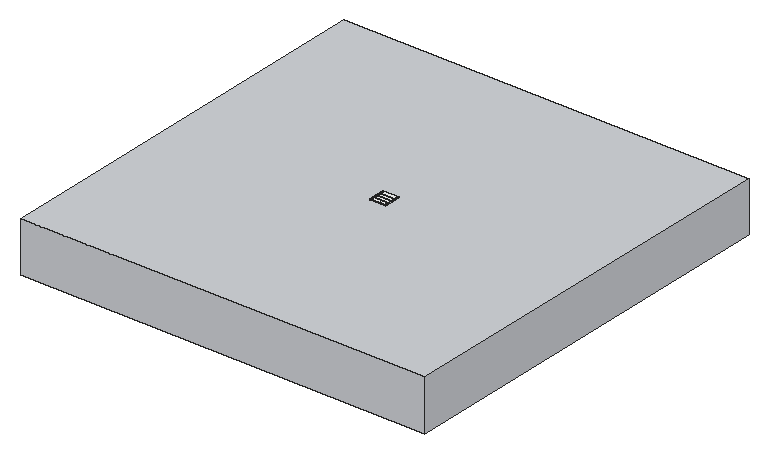
Revit family "Gira_503417", category Elektroinstallationen, Revit 2017
Family settings
  Basisbauteil = Fläche
  Beschriftungsausrichtung beibehalten = Nein
  Bemaßung runder Anschluss = Durchmesser verwenden
  Teiletyp = Normal
  Beim Laden mit Abzugskörper schneiden = Nein
  Gemeinsam genutzt = Nein
  Raumberechnungspunkt = Nein
Parameters (values of type "Wippenset 4f indiv. Tastsens.4 TS4 Aluminium")
  Werkstoffgüte = "Aluminium"
  Werkstoff Text = "Metall"
  Default Elevation = 1219.2 mm
  URL = "https://www.gira.de/"
  Typname = "Wippenset 4f indiv. Tastsens.4 TS4 Aluminium"
  Type Comments = ""
  Transparent = no
  Produktseite = "https://media.stage.bim.site/t/eyJhbGciOiJIUzI1NiIsInR5cCI6IkpXVCJ9.eyJjdCI6MiwidHUiOiJodHRwOi8va2F0YWxvZy5naXJhLmRlL2RlX0RFL2RhdGVuYmxhdHQuaHRtbD9hcnRpa2VsbnI9NTAzNDE3IiwiY2lkIjoiMzI3N2NjMjMtODFhOS00ZWUzLWE5MGEtYjQ3YmI0YzBiNjE2IiwicmlkIjoiZDIxOTFkNjA5ZWViNzY4ZWIyZTkwNjA0YmMyMzc4ZmEiLCJwaWQiOiJiZGE4ZDdiMGIzZDg1MTAxNmM0ZmY0NTY1NGEzY2I4ZWE1MmZkZjAwIiwic2lkIjoiNjM0NzAiLCJ1dCI6MSwibGMiOiJkZSIsImlhdCI6MTYwMDk0NDI4MiwiaXNzIjoiaHR0cHM6Ly9hcGkubGl2ZS5iaW0uc2l0ZSIsInN1YiI6ImFkbWluQGJpbXNpdGUuZGV2In0.YDtGsOoIK5snX_Wfb0wc5y08vsMCZWlY0XJqsV6lx2Y"
  Model = ""
  Cost = 0
  Hersteller = "Gira"
  HeinzeBIM = "https://www.heinze.de/bim/wippenset-4f-indiv-tastsens-4-ts4-aluminium/bda8d7b0b3d851016c4ff45654a3cb8ea52fdf00"
  HAN = "503417"
  GTIN = "4010337072645"
  Funk bidirektional = no
  Farbe = "Aluminium"
  Datenblatt 1 = "https://media.stage.bim.site/t/eyJhbGciOiJIUzI1NiIsInR5cCI6IkpXVCJ9.eyJjdCI6MSwidGYiOiJwdWJsaWMvZ2lyYS9hZThjNTU3LzUwMzQxNy50eHQiLCJjaWQiOiIzMjc3Y2MyMy04MWE5LTRlZTMtYTkwYS1iNDdiYjRjMGI2MTYiLCJyaWQiOiJkMjE5MWQ2MDllZWI3NjhlYjJlOTA2MDRiYzIzNzhmYSIsInBpZCI6ImJkYThkN2IwYjNkODUxMDE2YzRmZjQ1NjU0YTNjYjhlYTUyZmRmMDAiLCJzaWQiOiI2MzQ3MCIsInV0IjoxLCJsYyI6ImRlIiwiaWF0IjoxNjAwOTQ0MjgyLCJpc3MiOiJodHRwczovL2FwaS5saXZlLmJpbS5zaXRlIiwic3ViIjoiYWRtaW5AYmltc2l0ZS5kZXYifQ.i84f4Fp7Uq0jyqQdJhqDg90Nj2l2hFzxNE2p3s-cq1g/503417.txt"
  Datenblatt = "https://media.stage.bim.site/t/eyJhbGciOiJIUzI1NiIsInR5cCI6IkpXVCJ9.eyJjdCI6MSwidHUiOiJodHRwczovL2thdGFsb2cuZ2lyYS5kZS9kZV9ERS9kb3dubG9hZC5odG1sP2FydGlrZWxucj01MDM0MTciLCJjaWQiOiIzMjc3Y2MyMy04MWE5LTRlZTMtYTkwYS1iNDdiYjRjMGI2MTYiLCJyaWQiOiJkMjE5MWQ2MDllZWI3NjhlYjJlOTA2MDRiYzIzNzhmYSIsInBpZCI6ImJkYThkN2IwYjNkODUxMDE2YzRmZjQ1NjU0YTNjYjhlYTUyZmRmMDAiLCJzaWQiOiI2MzQ3MCIsInV0IjoxLCJsYyI6ImRlIiwiaWF0IjoxNjAwOTQ0MjgyLCJpc3MiOiJodHRwczovL2FwaS5saXZlLmJpbS5zaXRlIiwic3ViIjoiYWRtaW5AYmltc2l0ZS5kZXYifQ.yYWcI4Dc6Yqz-GzMHLnZcO_V_TWfwPa_vd08-pUoyzk"
  Bussystem Powernet = no
  Bussystem LON = no
  Bussystem KNX-Funk = no
  Bussystem KNX = yes
  Bussystem Funkbus = no
  Beschreibung = "Wippenset 4fach individuell für Tastsensor 4  Aluminium Hinweise :  Beschreibbare Wippensets können mit einer individuellen Beschriftung versehen werden. Die Bestellung wird über den Großhandel abgewickelt, der beim Bestellvorgang der Wippen angegeben wurde.  Dieses Produkt kann ausschließlich über den Gira Beschriftungsservice bestellt werden.  Professionelle Beschriftung über den Gira Beschriftungsservice www.beschriftung.gira.de."
  Assembly Code = ""
  Keynote = ""
  BIMSITE_PRODUCT_ID = "bda8d7b0b3d851016c4ff45654a3cb8ea52fdf00"
  BIM = "https://media.stage.bim.site/t/eyJhbGciOiJIUzI1NiIsInR5cCI6IkpXVCJ9.eyJjdCI6MSwidGYiOiJwdWJsaWMvZ2lyYS9hZThjNTU3LzQwXzUwMjQwMCBUUzQgV2lwcGVuc2V0IDRmYWNoLnJmYSIsImNpZCI6IjMyNzdjYzIzLTgxYTktNGVlMy1hOTBhLWI0N2JiNGMwYjYxNiIsInJpZCI6ImQyMTkxZDYwOWVlYjc2OGViMmU5MDYwNGJjMjM3OGZhIiwicGlkIjoiYmRhOGQ3YjBiM2Q4NTEwMTZjNGZmNDU2NTRhM2NiOGVhNTJmZGYwMCIsInNpZCI6IjYzNDcwIiwidXQiOjUsImxjIjoiZGUiLCJpYXQiOjE2MDA5NDQyODIsImlzcyI6Imh0dHBzOi8vYXBpLmxpdmUuYmltLnNpdGUiLCJzdWIiOiJhZG1pbkBiaW1zaXRlLmRldiJ9.lEhg4QBwVNydhdJ7DquORjWcED_8tPa_4KUpWyRGxO8/40_502400 TS4 Wippenset 4fach.rfa"
  Andere Bussysteme = "ohne"
Reference planes
  plane 1 "Center (Front/Back)": y = 0
  plane 2: z = 0
  plane 3 "Center (Left/Right)": x = 0
Forms (mm)
  Extrusion 1, solid
    sketch origin (0, 0, 0) x (1, 0, 0) y (0, 1, 0)
      loop
        line (-1219.2, 1219.2) -> (-1219.2, -1219.2) -> (1219.2, -1219.2) -> (1219.2, 1219.2) -> (-1219.2, 1219.2)
    from 0 to -304.8
Dimensions and locks
  aligned and locked: plane 2 to Extrusion 1
  aligned and locked: level to Extrusion 1
Nested families
  nested 1: "40_502100 TS4 Wippenset 4fach" at (0, 0, 0), type "40_502100 TS4 Wippenset 4fach"
Definition of nested family "40_502100 TS4 Wippenset 4fach"
  Parameters
    White = none
  Reference planes
    plane 1 "Center (Front/Back)": y = 0
    plane 2: z = 0
    plane 3 "Center (Left/Right)": x = 0
  Forms (mm)
    Extrusion 1, solid, material <- "White", detail levels fine
      sketch origin (0, 0, 0) x (1, 0, 0) y (0, 1, 0)
        loop
          arc (-46.5, 47.5) -> (-47.207, 47.207) -> (-47.5, 46.5) r 1
          line (-47.5, 46.5) -> (-47.5, 36.7) -> (-42.5, 36.7)
          arc (-42.5, 36.7) -> (-41.5, 35.7) -> (-42.5, 34.7) r 1
          line (-42.5, 34.7) -> (-47.5, 34.7) -> (-47.5, 24.95)
          arc (-47.5, 24.95) -> (-47.207, 24.243) -> (-46.5, 23.95) r 1
          line (-46.5, 23.95) -> (46.5, 23.95)
          arc (46.5, 23.95) -> (47.207, 24.243) -> (47.5, 24.95) r 1
          line (47.5, 24.95) -> (47.5, 34.7) -> (42.5, 34.7)
          arc (42.5, 34.7) -> (41.5, 35.7) -> (42.5, 36.7) r 1
          line (42.5, 36.7) -> (47.5, 36.7) -> (47.5, 46.5)
          arc (47.5, 46.5) -> (47.207, 47.207) -> (46.5, 47.5) r 1
          line (46.5, 47.5) -> (-46.5, 47.5)
      from 0 to 3.1
    Extrusion 2, solid, material <- "White", detail levels fine
      sketch origin (0, 0, 0) x (1, 0, 0) y (0, 1, 0)
        loop
          line (43.976, 44.188) -> (-43.976, 44.188) -> (-43.976, 27.198) -> (43.976, 27.198) -> (43.976, 44.188)
      from 0 to -1.5
    Extrusion 3, solid, detail levels fine
      sketch origin (0, 0, 0) x (1, 0, 0) y (0, 0, -1)
        loop
          line (-1.639, 4) -> (-2.5, 4) -> (-3.5, 1.5) -> (3.5, 1.5) -> (2.5, 4) -> (1.639, 4)
          arc (1.639, 4) -> (1.115, 3.694) -> (1.122, 3.087) r 0.603
          arc (1.122, 3.087) -> (-0.011, 1.666) -> (-1.122, 3.087) r 1.145
          arc (-1.122, 3.087) -> (-1.115, 3.694) -> (-1.639, 4) r 0.603
      from 41.985 to 44.199
    Extrusion 4, solid, material <- "White", detail levels medium
      sketch origin (0, 0, 0) x (1, 0, 0) y (0, 1, 0)
        loop
          line (43.976, 44.188) -> (-43.976, 44.188) -> (-43.976, 27.198) -> (43.976, 27.198) -> (43.976, 44.188)
      from 0 to -4
    Extrusion 5, solid, material <- "White", detail levels medium
      sketch origin (0, 0, 0) x (1, 0, 0) y (0, 1, 0)
        loop
          line (-47.5, 47.5) -> (-47.5, 23.95) -> (47.5, 23.95) -> (47.5, 47.5) -> (-47.5, 47.5)
      from 0 to 3.3
    Extrusion 6, solid, material <- "White", detail levels fine
      sketch origin (0, 0, 0) x (1, 0, 0) y (0, 1, 0)
        loop
          line (-43.976, 44.188) -> (-43.976, 40.908) -> (-42.655, 40.908) -> (-42.655, 44.188) -> (-43.976, 44.188)
        loop
          line (43.976, 44.188) -> (42.655, 44.188) -> (42.655, 40.908) -> (43.976, 40.908) -> (43.976, 44.188)
        loop
          line (-43.976, 27.198) -> (-42.655, 27.198) -> (-42.655, 30.479) -> (-43.976, 30.479) -> (-43.976, 27.198)
        loop
          line (43.976, 27.198) -> (43.976, 30.479) -> (42.655, 30.479) -> (42.655, 27.198) -> (43.976, 27.198)
      from 0 to -4
    Extrusion 7, solid, detail levels fine
      sketch origin (0, 35.7, 0) x (1, 0, 0) y (0, 1, 0)
        loop
          line (-47.5, 1) -> (-47.5, -1) -> (-42.5, -1)
          arc (-42.5, -1) -> (-41.5, 0) -> (-42.5, 1) r 1
          line (-42.5, 1) -> (-47.5, 1)
        loop
          line (47.5, 1) -> (42.5, 1)
          arc (42.5, 1) -> (41.5, 0) -> (42.5, -1) r 1
          line (42.5, -1) -> (47.5, -1) -> (47.5, 1)
      from 0 to 3.3
    Extrusion 8, solid, detail levels coarse
      sketch origin (0, 0, 0) x (1, 0, 0) y (0, 1, 0)
        loop
          line (-47.5, 47.5) -> (-47.5, -47.45) -> (47.5, -47.45) -> (47.5, 47.5) -> (-47.5, 47.5)
      from -4 to 3.3
    Extrusion 9, solid, material <- "White", detail levels fine
      sketch origin (0, 35.735, 0) x (1, 0, 0) y (0, 1, 0)
        loop
          line (-41.852, 6.181) -> (-43.976, 4.461) -> (-43.976, -4.461) -> (-41.852, -6.181)
          arc (-41.852, -6.181) -> (-38.884, -6.014) -> (-38.763, -3.043) r 2.212
          line (-38.763, -3.043) -> (-38.763, 3.043)
          arc (-38.763, 3.043) -> (-38.884, 6.014) -> (-41.852, 6.181) r 2.212
        loop
          arc (-39.415, 3.847) -> (-39.669, 5.38) -> (-41.223, 5.404) r 1.212
          line (-41.223, 5.404) -> (-42.938, 4.015) -> (-40.57, 1.883) -> (-39.415, 3.847)
        loop
          line (-39.415, -3.847) -> (-40.57, -1.883) -> (-42.938, -4.015) -> (-41.223, -5.404)
          arc (-41.223, -5.404) -> (-39.669, -5.38) -> (-39.415, -3.847) r 1.212
        loop
          arc (41.852, 6.181) -> (38.884, 6.014) -> (38.763, 3.043) r 2.212
          line (38.763, 3.043) -> (38.763, -3.043)
          arc (38.763, -3.043) -> (38.884, -6.014) -> (41.852, -6.181) r 2.212
          line (41.852, -6.181) -> (43.976, -4.461) -> (43.976, 4.461) -> (41.852, 6.181)
        loop
          line (39.415, 3.847) -> (40.57, 1.883) -> (42.938, 4.015) -> (41.223, 5.404)
          arc (41.223, 5.404) -> (39.669, 5.38) -> (39.415, 3.847) r 1.212
        loop
          arc (39.415, -3.847) -> (39.669, -5.38) -> (41.223, -5.404) r 1.212
          line (41.223, -5.404) -> (42.938, -4.015) -> (40.57, -1.883) -> (39.415, -3.847)
      from 0 to -3.1
    Extrusion 10, solid, material <- "White", detail levels fine
      sketch origin (0, -23.8, 0) x (1, 0, 0) y (0, 1, 0)
        loop
          arc (-46.5, 47.5) -> (-47.207, 47.207) -> (-47.5, 46.5) r 1
          line (-47.5, 46.5) -> (-47.5, 36.7) -> (-42.5, 36.7)
          arc (-42.5, 36.7) -> (-41.5, 35.7) -> (-42.5, 34.7) r 1
          line (-42.5, 34.7) -> (-47.5, 34.7) -> (-47.5, 24.95)
          arc (-47.5, 24.95) -> (-47.207, 24.243) -> (-46.5, 23.95) r 1
          line (-46.5, 23.95) -> (46.5, 23.95)
          arc (46.5, 23.95) -> (47.207, 24.243) -> (47.5, 24.95) r 1
          line (47.5, 24.95) -> (47.5, 34.7) -> (42.5, 34.7)
          arc (42.5, 34.7) -> (41.5, 35.7) -> (42.5, 36.7) r 1
          line (42.5, 36.7) -> (47.5, 36.7) -> (47.5, 46.5)
          arc (47.5, 46.5) -> (47.207, 47.207) -> (46.5, 47.5) r 1
          line (46.5, 47.5) -> (-46.5, 47.5)
      from 0 to 3.1
    Extrusion 11, solid, material <- "White", detail levels fine
      sketch origin (0, -23.8, 0) x (1, 0, 0) y (0, 1, 0)
        loop
          line (43.976, 44.188) -> (-43.976, 44.188) -> (-43.976, 27.198) -> (43.976, 27.198) -> (43.976, 44.188)
      from 0 to -1.5
    Extrusion 12, solid, detail levels fine
      sketch origin (0, -23.8, 0) x (1, 0, 0) y (0, 0, -1)
        loop
          line (-1.639, 4) -> (-2.5, 4) -> (-3.5, 1.5) -> (3.5, 1.5) -> (2.5, 4) -> (1.639, 4)
          arc (1.639, 4) -> (1.115, 3.694) -> (1.122, 3.087) r 0.603
          arc (1.122, 3.087) -> (-0.011, 1.666) -> (-1.122, 3.087) r 1.145
          arc (-1.122, 3.087) -> (-1.115, 3.694) -> (-1.639, 4) r 0.603
      from 41.985 to 44.199
    Extrusion 13, solid, material <- "White", detail levels medium
      sketch origin (0, -23.8, 0) x (1, 0, 0) y (0, 1, 0)
        loop
          line (43.976, 44.188) -> (-43.976, 44.188) -> (-43.976, 27.198) -> (43.976, 27.198) -> (43.976, 44.188)
      from 0 to -4
    Extrusion 14, solid, material <- "White", detail levels medium
      sketch origin (0, -23.8, 0) x (1, 0, 0) y (0, 1, 0)
        loop
          line (-47.5, 47.5) -> (-47.5, 23.95) -> (47.5, 23.95) -> (47.5, 47.5) -> (-47.5, 47.5)
      from 0 to 3.3
    Extrusion 15, solid, material <- "White", detail levels fine
      sketch origin (0, -23.8, 0) x (1, 0, 0) y (0, 1, 0)
        loop
          line (-43.976, 44.188) -> (-43.976, 40.908) -> (-42.655, 40.908) -> (-42.655, 44.188) -> (-43.976, 44.188)
        loop
          line (43.976, 44.188) -> (42.655, 44.188) -> (42.655, 40.908) -> (43.976, 40.908) -> (43.976, 44.188)
        loop
          line (-43.976, 27.198) -> (-42.655, 27.198) -> (-42.655, 30.479) -> (-43.976, 30.479) -> (-43.976, 27.198)
        loop
          line (43.976, 27.198) -> (43.976, 30.479) -> (42.655, 30.479) -> (42.655, 27.198) -> (43.976, 27.198)
      from 0 to -4
    Extrusion 16, solid, detail levels fine
      sketch origin (0, 11.9, 0) x (1, 0, 0) y (0, 1, 0)
        loop
          line (-47.5, 1) -> (-47.5, -1) -> (-42.5, -1)
          arc (-42.5, -1) -> (-41.5, 0) -> (-42.5, 1) r 1
          line (-42.5, 1) -> (-47.5, 1)
        loop
          line (47.5, 1) -> (42.5, 1)
          arc (42.5, 1) -> (41.5, 0) -> (42.5, -1) r 1
          line (42.5, -1) -> (47.5, -1) -> (47.5, 1)
      from 0 to 3.3
    Extrusion 17, solid, material <- "White", detail levels fine
      sketch origin (0, 11.935, 0) x (1, 0, 0) y (0, 1, 0)
        loop
          line (-41.852, 6.181) -> (-43.976, 4.461) -> (-43.976, -4.461) -> (-41.852, -6.181)
          arc (-41.852, -6.181) -> (-38.884, -6.014) -> (-38.763, -3.043) r 2.212
          line (-38.763, -3.043) -> (-38.763, 3.043)
          arc (-38.763, 3.043) -> (-38.884, 6.014) -> (-41.852, 6.181) r 2.212
        loop
          arc (-39.415, 3.847) -> (-39.669, 5.38) -> (-41.223, 5.404) r 1.212
          line (-41.223, 5.404) -> (-42.938, 4.015) -> (-40.57, 1.883) -> (-39.415, 3.847)
        loop
          line (-39.415, -3.847) -> (-40.57, -1.883) -> (-42.938, -4.015) -> (-41.223, -5.404)
          arc (-41.223, -5.404) -> (-39.669, -5.38) -> (-39.415, -3.847) r 1.212
        loop
          arc (41.852, 6.181) -> (38.884, 6.014) -> (38.763, 3.043) r 2.212
          line (38.763, 3.043) -> (38.763, -3.043)
          arc (38.763, -3.043) -> (38.884, -6.014) -> (41.852, -6.181) r 2.212
          line (41.852, -6.181) -> (43.976, -4.461) -> (43.976, 4.461) -> (41.852, 6.181)
        loop
          line (39.415, 3.847) -> (40.57, 1.883) -> (42.938, 4.015) -> (41.223, 5.404)
          arc (41.223, 5.404) -> (39.669, 5.38) -> (39.415, 3.847) r 1.212
        loop
          arc (39.415, -3.847) -> (39.669, -5.38) -> (41.223, -5.404) r 1.212
          line (41.223, -5.404) -> (42.938, -4.015) -> (40.57, -1.883) -> (39.415, -3.847)
      from 0 to -3.1
    Extrusion 18, solid, material <- "White", detail levels fine
      sketch origin (0, -47.65, 0) x (1, 0, 0) y (0, 1, 0)
        loop
          arc (-46.5, 47.5) -> (-47.207, 47.207) -> (-47.5, 46.5) r 1
          line (-47.5, 46.5) -> (-47.5, 36.7) -> (-42.5, 36.7)
          arc (-42.5, 36.7) -> (-41.5, 35.7) -> (-42.5, 34.7) r 1
          line (-42.5, 34.7) -> (-47.5, 34.7) -> (-47.5, 24.95)
          arc (-47.5, 24.95) -> (-47.207, 24.243) -> (-46.5, 23.95) r 1
          line (-46.5, 23.95) -> (46.5, 23.95)
          arc (46.5, 23.95) -> (47.207, 24.243) -> (47.5, 24.95) r 1
          line (47.5, 24.95) -> (47.5, 34.7) -> (42.5, 34.7)
          arc (42.5, 34.7) -> (41.5, 35.7) -> (42.5, 36.7) r 1
          line (42.5, 36.7) -> (47.5, 36.7) -> (47.5, 46.5)
          arc (47.5, 46.5) -> (47.207, 47.207) -> (46.5, 47.5) r 1
          line (46.5, 47.5) -> (-46.5, 47.5)
      from 0 to 3.1
    Extrusion 19, solid, material <- "White", detail levels fine
      sketch origin (0, -47.65, 0) x (1, 0, 0) y (0, 1, 0)
        loop
          line (43.976, 44.188) -> (-43.976, 44.188) -> (-43.976, 27.198) -> (43.976, 27.198) -> (43.976, 44.188)
      from 0 to -1.5
    Extrusion 20, solid, detail levels fine
      sketch origin (0, -47.65, 0) x (1, 0, 0) y (0, 0, -1)
        loop
          line (-1.639, 4) -> (-2.5, 4) -> (-3.5, 1.5) -> (3.5, 1.5) -> (2.5, 4) -> (1.639, 4)
          arc (1.639, 4) -> (1.115, 3.694) -> (1.122, 3.087) r 0.603
          arc (1.122, 3.087) -> (-0.011, 1.666) -> (-1.122, 3.087) r 1.145
          arc (-1.122, 3.087) -> (-1.115, 3.694) -> (-1.639, 4) r 0.603
      from 41.985 to 44.199
    Extrusion 21, solid, material <- "White", detail levels medium
      sketch origin (0, -47.65, 0) x (1, 0, 0) y (0, 1, 0)
        loop
          line (43.976, 44.188) -> (-43.976, 44.188) -> (-43.976, 27.198) -> (43.976, 27.198) -> (43.976, 44.188)
      from 0 to -4
    Extrusion 22, solid, material <- "White", detail levels medium
      sketch origin (0, -47.65, 0) x (1, 0, 0) y (0, 1, 0)
        loop
          line (-47.5, 47.5) -> (-47.5, 23.95) -> (47.5, 23.95) -> (47.5, 47.5) -> (-47.5, 47.5)
      from 0 to 3.3
    Extrusion 23, solid, material <- "White", detail levels fine
      sketch origin (0, -47.65, 0) x (1, 0, 0) y (0, 1, 0)
        loop
          line (-43.976, 44.188) -> (-43.976, 40.908) -> (-42.655, 40.908) -> (-42.655, 44.188) -> (-43.976, 44.188)
        loop
          line (43.976, 44.188) -> (42.655, 44.188) -> (42.655, 40.908) -> (43.976, 40.908) -> (43.976, 44.188)
        loop
          line (-43.976, 27.198) -> (-42.655, 27.198) -> (-42.655, 30.479) -> (-43.976, 30.479) -> (-43.976, 27.198)
        loop
          line (43.976, 27.198) -> (43.976, 30.479) -> (42.655, 30.479) -> (42.655, 27.198) -> (43.976, 27.198)
      from 0 to -4
    Extrusion 24, solid, detail levels fine
      sketch origin (0, -11.95, 0) x (1, 0, 0) y (0, 1, 0)
        loop
          line (-47.5, 1) -> (-47.5, -1) -> (-42.5, -1)
          arc (-42.5, -1) -> (-41.5, 0) -> (-42.5, 1) r 1
          line (-42.5, 1) -> (-47.5, 1)
        loop
          line (47.5, 1) -> (42.5, 1)
          arc (42.5, 1) -> (41.5, 0) -> (42.5, -1) r 1
          line (42.5, -1) -> (47.5, -1) -> (47.5, 1)
      from 0 to 3.3
    Extrusion 25, solid, material <- "White", detail levels fine
      sketch origin (0, -11.915, 0) x (1, 0, 0) y (0, 1, 0)
        loop
          line (-41.852, 6.181) -> (-43.976, 4.461) -> (-43.976, -4.461) -> (-41.852, -6.181)
          arc (-41.852, -6.181) -> (-38.884, -6.014) -> (-38.763, -3.043) r 2.212
          line (-38.763, -3.043) -> (-38.763, 3.043)
          arc (-38.763, 3.043) -> (-38.884, 6.014) -> (-41.852, 6.181) r 2.212
        loop
          arc (-39.415, 3.847) -> (-39.669, 5.38) -> (-41.223, 5.404) r 1.212
          line (-41.223, 5.404) -> (-42.938, 4.015) -> (-40.57, 1.883) -> (-39.415, 3.847)
        loop
          line (-39.415, -3.847) -> (-40.57, -1.883) -> (-42.938, -4.015) -> (-41.223, -5.404)
          arc (-41.223, -5.404) -> (-39.669, -5.38) -> (-39.415, -3.847) r 1.212
        loop
          arc (41.852, 6.181) -> (38.884, 6.014) -> (38.763, 3.043) r 2.212
          line (38.763, 3.043) -> (38.763, -3.043)
          arc (38.763, -3.043) -> (38.884, -6.014) -> (41.852, -6.181) r 2.212
          line (41.852, -6.181) -> (43.976, -4.461) -> (43.976, 4.461) -> (41.852, 6.181)
        loop
          line (39.415, 3.847) -> (40.57, 1.883) -> (42.938, 4.015) -> (41.223, 5.404)
          arc (41.223, 5.404) -> (39.669, 5.38) -> (39.415, 3.847) r 1.212
        loop
          arc (39.415, -3.847) -> (39.669, -5.38) -> (41.223, -5.404) r 1.212
          line (41.223, -5.404) -> (42.938, -4.015) -> (40.57, -1.883) -> (39.415, -3.847)
      from 0 to -3.1
    Extrusion 26, solid, material <- "White", detail levels fine
      sketch origin (0, -71.4, 0) x (1, 0, 0) y (0, 1, 0)
        loop
          arc (-46.5, 47.5) -> (-47.207, 47.207) -> (-47.5, 46.5) r 1
          line (-47.5, 46.5) -> (-47.5, 36.7) -> (-42.5, 36.7)
          arc (-42.5, 36.7) -> (-41.5, 35.7) -> (-42.5, 34.7) r 1
          line (-42.5, 34.7) -> (-47.5, 34.7) -> (-47.5, 24.95)
          arc (-47.5, 24.95) -> (-47.207, 24.243) -> (-46.5, 23.95) r 1
          line (-46.5, 23.95) -> (46.5, 23.95)
          arc (46.5, 23.95) -> (47.207, 24.243) -> (47.5, 24.95) r 1
          line (47.5, 24.95) -> (47.5, 34.7) -> (42.5, 34.7)
          arc (42.5, 34.7) -> (41.5, 35.7) -> (42.5, 36.7) r 1
          line (42.5, 36.7) -> (47.5, 36.7) -> (47.5, 46.5)
          arc (47.5, 46.5) -> (47.207, 47.207) -> (46.5, 47.5) r 1
          line (46.5, 47.5) -> (-46.5, 47.5)
      from 0 to 3.1
    Extrusion 27, solid, material <- "White", detail levels fine
      sketch origin (0, -71.4, 0) x (1, 0, 0) y (0, 1, 0)
        loop
          line (43.976, 44.188) -> (-43.976, 44.188) -> (-43.976, 27.198) -> (43.976, 27.198) -> (43.976, 44.188)
      from 0 to -1.5
    Extrusion 28, solid, detail levels fine
      sketch origin (0, -71.4, 0) x (1, 0, 0) y (0, 0, -1)
        loop
          line (-1.639, 4) -> (-2.5, 4) -> (-3.5, 1.5) -> (3.5, 1.5) -> (2.5, 4) -> (1.639, 4)
          arc (1.639, 4) -> (1.115, 3.694) -> (1.122, 3.087) r 0.603
          arc (1.122, 3.087) -> (-0.011, 1.666) -> (-1.122, 3.087) r 1.145
          arc (-1.122, 3.087) -> (-1.115, 3.694) -> (-1.639, 4) r 0.603
      from 41.985 to 44.199
    Extrusion 29, solid, material <- "White", detail levels medium
      sketch origin (0, -71.4, 0) x (1, 0, 0) y (0, 1, 0)
        loop
          line (43.976, 44.188) -> (-43.976, 44.188) -> (-43.976, 27.198) -> (43.976, 27.198) -> (43.976, 44.188)
      from 0 to -4
    Extrusion 30, solid, material <- "White", detail levels medium
      sketch origin (0, -71.4, 0) x (1, 0, 0) y (0, 1, 0)
        loop
          line (-47.5, 47.5) -> (-47.5, 23.95) -> (47.5, 23.95) -> (47.5, 47.5) -> (-47.5, 47.5)
      from 0 to 3.3
    Extrusion 31, solid, material <- "White", detail levels fine
      sketch origin (0, -71.4, 0) x (1, 0, 0) y (0, 1, 0)
        loop
          line (-43.976, 44.188) -> (-43.976, 40.908) -> (-42.655, 40.908) -> (-42.655, 44.188) -> (-43.976, 44.188)
        loop
          line (43.976, 44.188) -> (42.655, 44.188) -> (42.655, 40.908) -> (43.976, 40.908) -> (43.976, 44.188)
        loop
          line (-43.976, 27.198) -> (-42.655, 27.198) -> (-42.655, 30.479) -> (-43.976, 30.479) -> (-43.976, 27.198)
        loop
          line (43.976, 27.198) -> (43.976, 30.479) -> (42.655, 30.479) -> (42.655, 27.198) -> (43.976, 27.198)
      from 0 to -4
    Extrusion 32, solid, detail levels fine
      sketch origin (0, -35.7, 0) x (1, 0, 0) y (0, 1, 0)
        loop
          line (-47.5, 1) -> (-47.5, -1) -> (-42.5, -1)
          arc (-42.5, -1) -> (-41.5, 0) -> (-42.5, 1) r 1
          line (-42.5, 1) -> (-47.5, 1)
        loop
          line (47.5, 1) -> (42.5, 1)
          arc (42.5, 1) -> (41.5, 0) -> (42.5, -1) r 1
          line (42.5, -1) -> (47.5, -1) -> (47.5, 1)
      from 0 to 3.3
    Extrusion 33, solid, material <- "White", detail levels fine
      sketch origin (0, -35.665, 0) x (1, 0, 0) y (0, 1, 0)
        loop
          line (-41.852, 6.181) -> (-43.976, 4.461) -> (-43.976, -4.461) -> (-41.852, -6.181)
          arc (-41.852, -6.181) -> (-38.884, -6.014) -> (-38.763, -3.043) r 2.212
          line (-38.763, -3.043) -> (-38.763, 3.043)
          arc (-38.763, 3.043) -> (-38.884, 6.014) -> (-41.852, 6.181) r 2.212
        loop
          arc (-39.415, 3.847) -> (-39.669, 5.38) -> (-41.223, 5.404) r 1.212
          line (-41.223, 5.404) -> (-42.938, 4.015) -> (-40.57, 1.883) -> (-39.415, 3.847)
        loop
          line (-39.415, -3.847) -> (-40.57, -1.883) -> (-42.938, -4.015) -> (-41.223, -5.404)
          arc (-41.223, -5.404) -> (-39.669, -5.38) -> (-39.415, -3.847) r 1.212
        loop
          arc (41.852, 6.181) -> (38.884, 6.014) -> (38.763, 3.043) r 2.212
          line (38.763, 3.043) -> (38.763, -3.043)
          arc (38.763, -3.043) -> (38.884, -6.014) -> (41.852, -6.181) r 2.212
          line (41.852, -6.181) -> (43.976, -4.461) -> (43.976, 4.461) -> (41.852, 6.181)
        loop
          line (39.415, 3.847) -> (40.57, 1.883) -> (42.938, 4.015) -> (41.223, 5.404)
          arc (41.223, 5.404) -> (39.669, 5.38) -> (39.415, 3.847) r 1.212
        loop
          arc (39.415, -3.847) -> (39.669, -5.38) -> (41.223, -5.404) r 1.212
          line (41.223, -5.404) -> (42.938, -4.015) -> (40.57, -1.883) -> (39.415, -3.847)
      from 0 to -3.1
    Extrusion 34, solid, detail levels fine
      sketch origin (0, 71.387, 0) x (1, 0, 0) y (0, 0, 1)
        loop
          arc (-1.639, -4) -> (-1.115, -3.694) -> (-1.122, -3.087) r 0.603
          arc (-1.122, -3.087) -> (-0.011, -1.666) -> (1.122, -3.087) r 1.145
          arc (1.122, -3.087) -> (1.115, -3.694) -> (1.639, -4) r 0.603
          line (1.639, -4) -> (2.5, -4) -> (3.5, -1.5) -> (-3.5, -1.5) -> (-2.5, -4) -> (-1.639, -4)
      from 41.985 to 44.199
    Extrusion 35, solid, detail levels fine
      sketch origin (0, 47.597, 0) x (1, 0, 0) y (0, 0, 1)
        loop
          arc (-1.639, -4) -> (-1.115, -3.694) -> (-1.122, -3.087) r 0.603
          arc (-1.122, -3.087) -> (-0.011, -1.666) -> (1.122, -3.087) r 1.145
          arc (1.122, -3.087) -> (1.115, -3.694) -> (1.639, -4) r 0.603
          line (1.639, -4) -> (2.5, -4) -> (3.5, -1.5) -> (-3.5, -1.5) -> (-2.5, -4) -> (-1.639, -4)
      from 41.985 to 44.199
    Extrusion 36, solid, detail levels fine
      sketch origin (0, 23.747, 0) x (1, 0, 0) y (0, 0, 1)
        loop
          arc (-1.639, -4) -> (-1.115, -3.694) -> (-1.122, -3.087) r 0.603
          arc (-1.122, -3.087) -> (-0.011, -1.666) -> (1.122, -3.087) r 1.145
          arc (1.122, -3.087) -> (1.115, -3.694) -> (1.639, -4) r 0.603
          line (1.639, -4) -> (2.5, -4) -> (3.5, -1.5) -> (-3.5, -1.5) -> (-2.5, -4) -> (-1.639, -4)
      from 41.985 to 44.199
    Extrusion 37, solid, detail levels fine
      sketch origin (0, -0.003, 0) x (1, 0, 0) y (0, 0, 1)
        loop
          arc (-1.639, -4) -> (-1.115, -3.694) -> (-1.122, -3.087) r 0.603
          arc (-1.122, -3.087) -> (-0.011, -1.666) -> (1.122, -3.087) r 1.145
          arc (1.122, -3.087) -> (1.115, -3.694) -> (1.639, -4) r 0.603
          line (1.639, -4) -> (2.5, -4) -> (3.5, -1.5) -> (-3.5, -1.5) -> (-2.5, -4) -> (-1.639, -4)
      from 41.985 to 44.199
  Cuts and joins
    joined: Extrusion 2, Extrusion 6, Extrusion 9
  Dimensions and locks
    aligned and locked: level to plane 2
